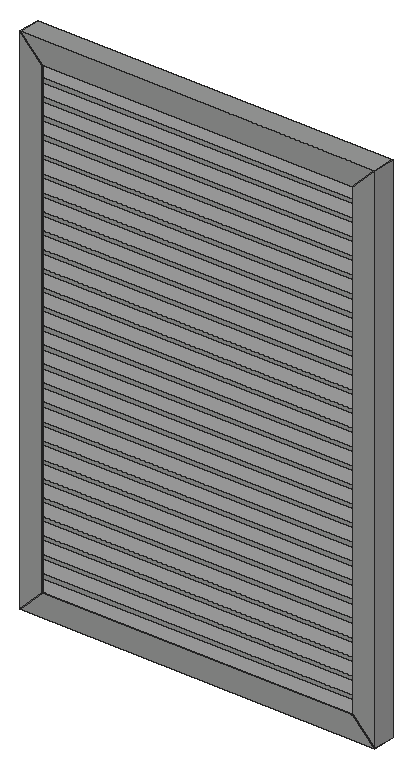
Revit family "Palmshield-Atlas-Louver-Panel", category Specialty Equipment, Revit 2025
Family settings
  Round Connector Dimension = Use Diameter
  Part Type = Normal
  OmniClass Number = 23.55.00.00
  OmniClass Title = Manufactured Structures
  Work Plane-Based = No
  Enable Cutting in Views = No
  Always vertical = No
  Cut with Voids When Loaded = No
  Maintain Annotation Orientation = No
  Shared = No
  Room Calculation Point = No
Parameters (values of type "Assembly")
  Width [instance] = if(Desired Overall Width < C Min Width, C Min Width, if(Desired Overall Width > C Max Width, C Max Width, Desired Overall Width))  # 4' - 0"
  Warranty URL = "https://palmshieldlouvers.com/wp-content/uploads/2020/01/PalmSHIELD-Warranty-NO-SIGN-LINE.pdf"
  Version = "2020 - v1.0a"  # constant formula
  URL = "https://palmshieldlouvers.com/"
  Product Page URL = "https://palmshieldlouvers.com/products/atlas-louver/"
  Product Documentation Link = "https://palmshieldlouvers.com/wp-content/uploads/2022/10/PalmSHIELD-Horizontal-Louvers-Technical-Data-Sheets-updated-100722.pdf"
  Offset From Surface = 0' - 2"  # constant formula
  Model = "Atlas - Aluminum - Panel Assembly"  # constant formula
  Material = Metal - PalmSHIELD - Dusty Grey
  Manufacturer Phone Number = "531-329-4406 "  # constant formula
  Manufacturer Email = "mailto: info@palmshieldlouvers.com"
  Manufacturer Address = "12330 Cary Circle, La Vista, NE 68128"  # constant formula
  Manufacturer = "PalmSHIELD"  # constant formula
  Keynote = "05 10 00"
  Instruction Sheet Link = "https://palmshieldlouvers.com/wp-content/uploads/2020/01/PalmSHIELD-Post-Panel-Gate-Installation-Instructions-REV-1.pdf"
  ID [instance] = "Not Assigned"
  Height [instance] = if(Desired Overall Height < C Min Height, C Min Height, if(Desired Overall Height > C Max Height, C Max Height, Desired Overall Height))  # 6' - 0"
  Desired Overall Width [instance] = 4' - 0"
  Desired Overall Height [instance] = 6' - 0"
  Desired Bottom Angle [instance] = 0.00°
  Description = "Atlas - Aluminum - Panel Assembly"  # constant formula
  Default Elevation = 0' - 0"
  Copyright = "Copyright ©2024 The American Fence Company and PalmSHIELD. All Rights Reserved."  # constant formula
  Component Vis [instance] = yes
  Component Name [instance] = "Atlas - Aluminum - Panel Assembly"  # constant formula
  C Min Width [instance] = 4' - 0"  # constant formula
  C Min Height [instance] = C Min Width  # 4' - 0"
  C Max Width [instance] = 5' - 0"  # constant formula
  C Max Height [instance] = 12' - 0"  # constant formula
  C Angle [instance] = if(Desired Bottom Angle > 10.00°, 10.00°, if(Desired Bottom Angle < -10.00°, -10.00°, Desired Bottom Angle))  # 0.00°
  Assembly Code = "F1020100"
Reference planes (in)
  plane 1 "Center (Front/Back)": y = 0
  plane 2: z = 0
  plane 3 "Center (Left/Right)": x = 0
  plane 4: z = 72
  plane 5: x = 48
  plane 6: y = 3
  plane 7: y = 1.5
Lines and regions (in)
  reference lines
    curve 1: line (48, 0, 85.95698) -> (48, 0, -11)
    curve 2: line (-20.8931, 0, 72) -> (71.1069, 0, 72)
Dimensions and locks (in)
  "Desired Overall Height": curve 2 to level
  "Desired Overall Width": curve 1 to plane 3 "Center (Left/Right)"
  "Height": plane 4 to level
  "Width": plane 5 to plane 3 "Center (Left/Right)"
  equal spacing: plane 1 "Center (Front/Back)", plane 7, plane 6
  aligned and locked: plane 2 to level
Automatic sketch dimensions
  curve 2 to plane 3 "Center (Left/Right)" = 1' - 8.8931"
  plane 5 to curve 2 = 1' - 11.1069"
  curve 1 to level = 0' - 11"
  plane 4 to curve 1 = 1' - 1.95698"
Nested families (in)
  nested 1: "Screening-Louver-Assembly-Panel-Palmshield-Atlas" at (0, 0, 0), Desired Overall Height <- "Desired Overall Height", Desired Overall Width <- "Desired Overall Width", ID <- "ID", Height <- "Height", Width <- "Width", Component Vis <- "Component Vis", Desired Bottom Angle <- "C Angle", type "Assembly"
    with Width 4' - 0", Louver Length 3' - 8", ID "Not Assigned", Height 6' - 0", Desired Overall Width 4' - 0", Desired Overall Height 6' - 0", Desired Bottom Angle 0.00°, Component Vis yes, Component Name "Atlas - Panel Assembly", C Top Post Length 4' - 0", C Straight Corner Angle 45.00°, C Slope Angle 0.00°, C Side Frame Width 0' - 3", C Side Adjustment 0' - 0", C Rib Thickness Bottom Offset 0' - 0 1/4", C Rib Bottom Side Offset 0' - 0", C Louver Offset 0' - 3", C Louver Count 28, C Hip 4' - 0", C Frame Offset 0' - 2", C Corner Offset 0' - 3", C B-Side Post Length 6' - 0", C B-Side Angle 45.00°, C Angle 90.00°, C A-Side Post Length 6' - 0", C A-Side Angle 45.00°
  nested 2: "Nested-L_Frame-Palmshield-Atlas" at (0, 0, 72) x (0, 1, 0) z (1, 0, 0), type "AL L3" X 3" X 1/4""
    with Material Metal - PalmSHIELD - Dusty Grey, Length 5' - 10", ID "Not Assigned", Component Name "Atlas - Aluminum - L Frame", B-Side Cut Angle 45.00°, A-Side Cut Angle 45.00°
  nested 3: "Nested-L_Frame-Palmshield-Atlas" at (48, 0, 2) x (0, 1, 0) z (-1, 0, 0), type "AL L3" X 3" X 1/4""
    with Material Metal - PalmSHIELD - Dusty Grey, Length 5' - 10", ID "Not Assigned", Component Name "Atlas - Aluminum - L Frame", B-Side Cut Angle 45.00°, A-Side Cut Angle 45.00°
  nested 4: "Nested-Rib-Palmshield-Atlas" at (16, 2.25, 2.25), type "AL FB 1/4" X 1""
    with Material Metal - PalmSHIELD - Dusty Grey, Length 5' - 9 1/2", ID "Not Assigned", Component Name "Atlas - Aluminum - FB Rib", C Angle B 0.00°, C Angle A 0.00°, A-Side Cut Angle 0.00°
  nested 5: "Nested-Rib-Palmshield-Atlas" at (32, 2.25, 2.25), type "AL FB 1/4" X 1""
    with Material Metal - PalmSHIELD - Dusty Grey, Length 5' - 9 1/2", ID "Not Assigned", Component Name "Atlas - Aluminum - FB Rib", C Angle B 0.00°, C Angle A 0.00°, A-Side Cut Angle 0.00°
  nested 6: "Nested-Louvers-Palmshield-Atlas" at (2, 2.25, 16.48904) x (0, -1, 0) z (1, 0, 0), type "EXTRUDED ALUMINUM LOUVERS TYP."
    with Material Metal - PalmSHIELD - Dusty Grey, Length 3' - 8", ID "Not Assigned", Component Name "Atlas - Aluminum - Louver"
  nested 7: "Nested-Louvers-Palmshield-Atlas" at (2, 2.25, 18.7993) x (0, -1, 0) z (1, 0, 0), type "EXTRUDED ALUMINUM LOUVERS TYP."
    with Material Metal - PalmSHIELD - Dusty Grey, Length 3' - 8", ID "Not Assigned", Component Name "Atlas - Aluminum - Louver"
  nested 8: "Nested-Louvers-Palmshield-Atlas" at (2, 2.25, 21.10956) x (0, -1, 0) z (1, 0, 0), type "EXTRUDED ALUMINUM LOUVERS TYP."
    with Material Metal - PalmSHIELD - Dusty Grey, Length 3' - 8", ID "Not Assigned", Component Name "Atlas - Aluminum - Louver"
  nested 9: "Nested-Louvers-Palmshield-Atlas" at (2, 2.25, 23.41981) x (0, -1, 0) z (1, 0, 0), type "EXTRUDED ALUMINUM LOUVERS TYP."
    with Material Metal - PalmSHIELD - Dusty Grey, Length 3' - 8", ID "Not Assigned", Component Name "Atlas - Aluminum - Louver"
  nested 10: "Nested-Louvers-Palmshield-Atlas" at (2, 2.25, 25.73007) x (0, -1, 0) z (1, 0, 0), type "EXTRUDED ALUMINUM LOUVERS TYP."
    with Material Metal - PalmSHIELD - Dusty Grey, Length 3' - 8", ID "Not Assigned", Component Name "Atlas - Aluminum - Louver"
  nested 11: "Nested-Louvers-Palmshield-Atlas" at (2, 2.25, 28.04033) x (0, -1, 0) z (1, 0, 0), type "EXTRUDED ALUMINUM LOUVERS TYP."
    with Material Metal - PalmSHIELD - Dusty Grey, Length 3' - 8", ID "Not Assigned", Component Name "Atlas - Aluminum - Louver"
  nested 12: "Nested-Louvers-Palmshield-Atlas" at (2, 2.25, 30.35059) x (0, -1, 0) z (1, 0, 0), type "EXTRUDED ALUMINUM LOUVERS TYP."
    with Material Metal - PalmSHIELD - Dusty Grey, Length 3' - 8", ID "Not Assigned", Component Name "Atlas - Aluminum - Louver"
  nested 13: "Nested-Louvers-Palmshield-Atlas" at (2, 2.25, 32.66085) x (0, -1, 0) z (1, 0, 0), type "EXTRUDED ALUMINUM LOUVERS TYP."
    with Material Metal - PalmSHIELD - Dusty Grey, Length 3' - 8", ID "Not Assigned", Component Name "Atlas - Aluminum - Louver"
  nested 14: "Nested-Louvers-Palmshield-Atlas" at (2, 2.25, 34.97111) x (0, -1, 0) z (1, 0, 0), type "EXTRUDED ALUMINUM LOUVERS TYP."
    with Material Metal - PalmSHIELD - Dusty Grey, Length 3' - 8", ID "Not Assigned", Component Name "Atlas - Aluminum - Louver"
  nested 15: "Nested-Louvers-Palmshield-Atlas" at (2, 2.25, 37.28137) x (0, -1, 0) z (1, 0, 0), type "EXTRUDED ALUMINUM LOUVERS TYP."
    with Material Metal - PalmSHIELD - Dusty Grey, Length 3' - 8", ID "Not Assigned", Component Name "Atlas - Aluminum - Louver"
  nested 16: "Nested-Louvers-Palmshield-Atlas" at (2, 2.25, 39.59163) x (0, -1, 0) z (1, 0, 0), type "EXTRUDED ALUMINUM LOUVERS TYP."
    with Material Metal - PalmSHIELD - Dusty Grey, Length 3' - 8", ID "Not Assigned", Component Name "Atlas - Aluminum - Louver"
  nested 17: "Nested-Louvers-Palmshield-Atlas" at (2, 2.25, 41.90189) x (0, -1, 0) z (1, 0, 0), type "EXTRUDED ALUMINUM LOUVERS TYP."
    with Material Metal - PalmSHIELD - Dusty Grey, Length 3' - 8", ID "Not Assigned", Component Name "Atlas - Aluminum - Louver"
  nested 18: "Nested-Louvers-Palmshield-Atlas" at (2, 2.25, 44.21215) x (0, -1, 0) z (1, 0, 0), type "EXTRUDED ALUMINUM LOUVERS TYP."
    with Material Metal - PalmSHIELD - Dusty Grey, Length 3' - 8", ID "Not Assigned", Component Name "Atlas - Aluminum - Louver"
  nested 19: "Nested-Louvers-Palmshield-Atlas" at (2, 2.25, 46.52241) x (0, -1, 0) z (1, 0, 0), type "EXTRUDED ALUMINUM LOUVERS TYP."
    with Material Metal - PalmSHIELD - Dusty Grey, Length 3' - 8", ID "Not Assigned", Component Name "Atlas - Aluminum - Louver"
  nested 20: "Nested-Louvers-Palmshield-Atlas" at (2, 2.25, 48.83267) x (0, -1, 0) z (1, 0, 0), type "EXTRUDED ALUMINUM LOUVERS TYP."
    with Material Metal - PalmSHIELD - Dusty Grey, Length 3' - 8", ID "Not Assigned", Component Name "Atlas - Aluminum - Louver"
  nested 21: "Nested-Louvers-Palmshield-Atlas" at (2, 2.25, 51.14293) x (0, -1, 0) z (1, 0, 0), type "EXTRUDED ALUMINUM LOUVERS TYP."
    with Material Metal - PalmSHIELD - Dusty Grey, Length 3' - 8", ID "Not Assigned", Component Name "Atlas - Aluminum - Louver"
  nested 22: "Nested-Louvers-Palmshield-Atlas" at (2, 2.25, 53.45319) x (0, -1, 0) z (1, 0, 0), type "EXTRUDED ALUMINUM LOUVERS TYP."
    with Material Metal - PalmSHIELD - Dusty Grey, Length 3' - 8", ID "Not Assigned", Component Name "Atlas - Aluminum - Louver"
  nested 23: "Nested-Louvers-Palmshield-Atlas" at (2, 2.25, 55.76344) x (0, -1, 0) z (1, 0, 0), type "EXTRUDED ALUMINUM LOUVERS TYP."
    with Material Metal - PalmSHIELD - Dusty Grey, Length 3' - 8", ID "Not Assigned", Component Name "Atlas - Aluminum - Louver"
  nested 24: "Nested-Louvers-Palmshield-Atlas" at (2, 2.25, 58.0737) x (0, -1, 0) z (1, 0, 0), type "EXTRUDED ALUMINUM LOUVERS TYP."
    with Material Metal - PalmSHIELD - Dusty Grey, Length 3' - 8", ID "Not Assigned", Component Name "Atlas - Aluminum - Louver"
  nested 25: "Nested-Louvers-Palmshield-Atlas" at (2, 2.25, 60.38396) x (0, -1, 0) z (1, 0, 0), type "EXTRUDED ALUMINUM LOUVERS TYP."
    with Material Metal - PalmSHIELD - Dusty Grey, Length 3' - 8", ID "Not Assigned", Component Name "Atlas - Aluminum - Louver"
  nested 26: "Nested-Louvers-Palmshield-Atlas" at (2, 2.25, 62.69422) x (0, -1, 0) z (1, 0, 0), type "EXTRUDED ALUMINUM LOUVERS TYP."
    with Material Metal - PalmSHIELD - Dusty Grey, Length 3' - 8", ID "Not Assigned", Component Name "Atlas - Aluminum - Louver"
  nested 27: "Nested-Louvers-Palmshield-Atlas" at (2, 2.25, 65.00448) x (0, -1, 0) z (1, 0, 0), type "EXTRUDED ALUMINUM LOUVERS TYP."
    with Material Metal - PalmSHIELD - Dusty Grey, Length 3' - 8", ID "Not Assigned", Component Name "Atlas - Aluminum - Louver"
  nested 28: "Nested-Louvers-Palmshield-Atlas" at (2, 2.25, 67.31474) x (0, -1, 0) z (1, 0, 0), type "EXTRUDED ALUMINUM LOUVERS TYP."
    with Material Metal - PalmSHIELD - Dusty Grey, Length 3' - 8", ID "Not Assigned", Component Name "Atlas - Aluminum - Louver"
  nested 29: "Nested-Louvers-Palmshield-Atlas" at (2, 2.25, 7.248) x (0, -1, 0) z (1, 0, 0), type "EXTRUDED ALUMINUM LOUVERS TYP."
    with Material Metal - PalmSHIELD - Dusty Grey, Length 3' - 8", ID "Not Assigned", Component Name "Atlas - Aluminum - Louver"
  nested 30: "Nested-Louvers-Palmshield-Atlas" at (2, 2.25, 69.625) x (0, -1, 0) z (1, 0, 0), type "EXTRUDED ALUMINUM LOUVERS TYP."
    with Material Metal - PalmSHIELD - Dusty Grey, Length 3' - 8", ID "Not Assigned", Component Name "Atlas - Aluminum - Louver"
  nested 31: "Nested-L_Frame-Palmshield-Atlas" at (48, 0, 72) x (0, 1, 0) z (0, 0, -1), type "AL L3" X 3" X 1/4""
    with Material Metal - PalmSHIELD - Dusty Grey, Length 4' - 0", ID "Not Assigned", Component Name "Atlas - Aluminum - L Frame", B-Side Cut Angle 45.00°, A-Side Cut Angle 45.00°
  nested 32: "Nested-L_Frame-Palmshield-Atlas" at (0, 0, 2) x (0, 1, 0) z (0, 0, 1), type "AL L3" X 3" X 1/4""
    with Material Metal - PalmSHIELD - Dusty Grey, Length 4' - 0", ID "Not Assigned", Component Name "Atlas - Aluminum - L Frame", B-Side Cut Angle 45.00°, A-Side Cut Angle 45.00°
  nested 33: "Nested-Louvers-Palmshield-Atlas" at (2, 2.25, 9.55826) x (0, -1, 0) z (1, 0, 0), type "EXTRUDED ALUMINUM LOUVERS TYP."
    with Material Metal - PalmSHIELD - Dusty Grey, Length 3' - 8", ID "Not Assigned", Component Name "Atlas - Aluminum - Louver"
  nested 34: "Nested-Louvers-Palmshield-Atlas" at (2, 2.25, 11.86852) x (0, -1, 0) z (1, 0, 0), type "EXTRUDED ALUMINUM LOUVERS TYP."
    with Material Metal - PalmSHIELD - Dusty Grey, Length 3' - 8", ID "Not Assigned", Component Name "Atlas - Aluminum - Louver"
  nested 35: "Nested-Louvers-Palmshield-Atlas" at (2, 2.25, 14.17878) x (0, -1, 0) z (1, 0, 0), type "EXTRUDED ALUMINUM LOUVERS TYP."
    with Material Metal - PalmSHIELD - Dusty Grey, Length 3' - 8", ID "Not Assigned", Component Name "Atlas - Aluminum - Louver"
Definition of nested family "Nested-L_Frame-Palmshield-Atlas"
  Parameters (values of type "AL L3" X 3" X 1/4"")
    Width = 0' - 3"  # constant formula
    Warranty URL = "https://palmshieldlouvers.com/wp-content/uploads/2020/01/PalmSHIELD-Warranty-NO-SIGN-LINE.pdf"
    Version = "2020 - v1.0a"  # constant formula
    URL = "https://palmshieldlouvers.com/"
    Thickness = 0' - 0 1/4"  # constant formula
    Product Page URL = "https://palmshieldlouvers.com/products/louvers/"
    Product Documentation Link = "https://palmshieldlouvers.com/wp-content/uploads/2022/10/PalmSHIELD-Horizontal-Louvers-Technical-Data-Sheets-updated-100722.pdf"
    Model = "Atlas"  # constant formula
    Material [instance] = none
    Manufacturer Phone Number = "531-329-4406 "  # constant formula
    Manufacturer Fax Number = "Consult Manufacturer Website for More Information"  # constant formula
    Manufacturer Email = "mailto: info@palmshieldlouvers.com"
    Manufacturer Address = "12330 Cary Circle, La Vista, NE 68128"  # constant formula
    Manufacturer = "PalmSHIELD"  # constant formula
    Length [instance] = 4' - 4.86713"
    Keynote = "05 10 00"
    Instruction Sheet Link = "https://palmshieldlouvers.com/wp-content/uploads/2020/01/PalmSHIELD-Post-Panel-Gate-Installation-Instructions-REV-1.pdf"
    ID [instance] = ""
    Description = "Atlas - L Frame"  # constant formula
    Default Elevation = 4' - 0"
    Copyright = "Copyright ©2024 The American Fence Company and PalmSHIELD. All Rights Reserved."  # constant formula
    Component Name [instance] = "Atlas - Aluminum - L Frame"  # constant formula
    C Hole Offset = 0' - 1 1/2"  # constant formula
    B-Side Cut Angle [instance] = 45.00°
    Assembly Code = "F1020100"
    A-Side Cut Angle [instance] = 45.00°
  Reference planes (in)
    plane 1 "Center (Front/Back)": y = 0
    plane 2: z = 0
    plane 3 "Center (Left/Right)": x = 0
    plane 4: x = 3
    plane 5: y = -52.86713
    plane 6: z = 3
  Forms (in)
    Extrusion 1, solid
      sketch origin (0, 0, 0) x (1, 0, 0) y (0, 1, 0)
        loop
          line (-48, 48) -> (-48, -48) -> (48, -48) -> (48, 48) -> (-48, 48)
      from 0 to -12
    Sweep 2, solid, material <- "Material"
      path origin (0, 0, 0) x (0, 1, 0) y (0, 0, 1)
        loop
          line (0, 0) -> (-52.86713, 0)
      profile "Profile-Palmshield-L : AL L3" X 3" X 1/4" - 6061-T6" origin (0, -26.43357, 0) x (0, 0, -1) y (1, 0, 0)
        loop
          line (-0.3125, 0.25) -> (-2.875, 0.25)
          arc (-2.875, 0.25) -> (-2.96339, 0.21339) -> (-3, 0.125) r 0.125
          line (-3, 0.125) -> (-3, 0) -> (0, 0) -> (0, 3) -> (-0.125, 3)
          arc (-0.125, 3) -> (-0.21339, 2.96339) -> (-0.25, 2.875) r 0.125
          line (-0.25, 2.875) -> (-0.25, 0.3125)
          arc (-0.25, 0.3125) -> (-0.26831, 0.26831) -> (-0.3125, 0.25) r 0.0625
    Extrusion 3, void
      sketch origin (0, 0, 0) x (0, 1, 0) y (0, 0, 1)
        loop
          line (-3, 3) -> (0, 0) -> (4.7449, 0) -> (4.7449, 3) -> (-3, 3)
        loop
          line (-57.61203, 3) -> (-57.61203, 0) -> (-52.86713, 0) -> (-49.86713, 3) -> (-57.61203, 3)
      from 0 to 3
  Cuts and joins
    Extrusion 3 cuts Sweep 2
  Dimensions and locks (in)
    "Width": plane 3 "Center (Left/Right)" to plane 4
    "Length": plane 1 "Center (Front/Back)" to plane 5
    "Width": plane 6 to plane 2
    locked: Extrusion 3 sketch curve to plane 1 "Center (Front/Back)" at 4.7449
    locked: plane 5 to Extrusion 3 sketch curve at 4.7449
    "B-Side Cut Angle": angle Extrusion 3 sketch curve to plane 1 "Center (Front/Back)"
    "A-Side Cut Angle": angle plane 5 to Extrusion 3 sketch curve
    aligned and locked: plane 2 to Extrusion 1
    aligned and locked: level to Extrusion 1
    aligned and locked: plane 1 "Center (Front/Back)" to Sweep 2 sketch curve
    aligned and locked: plane 5 to Sweep 2 sketch curve
    aligned and locked: Extrusion 3 sketch curve to plane 6
    aligned and locked: level to Extrusion 3 sketch curve
    aligned and locked: plane 6 to Extrusion 3 sketch curve
    aligned and locked: Extrusion 3 sketch curve to plane 2
    aligned and locked: plane 1 "Center (Front/Back)" to Extrusion 3 sketch curve
    aligned and locked: plane 2 to Extrusion 3 sketch curve
    aligned and locked: plane 5 to Extrusion 3 sketch curve
    aligned and locked: Extrusion 3 to plane 3 "Center (Left/Right)"
    aligned and locked: Extrusion 3 to plane 4
  Automatic sketch dimensions
    Extrusion 1 sketch curve to Extrusion 1 sketch curve = 8' - 0"  (x2)
    Sweep 2 sketch curve to level = 0' - 0"
Definition of nested family "Nested-Rib-Palmshield-Atlas"
  Parameters (values of type "AL FB 1/4" X 1"")
    Width = 0' - 1"  # constant formula
    Warranty URL = "https://palmshieldlouvers.com/wp-content/uploads/2020/01/PalmSHIELD-Warranty-NO-SIGN-LINE.pdf"
    Version = "2020 - v1.0a"  # constant formula
    URL = "https://palmshieldlouvers.com/"
    Thickness = 0' - 0 1/4"  # constant formula
    Product Page URL = "https://palmshieldlouvers.com/products/louvers/"
    Product Documentation Link = "https://palmshieldlouvers.com/wp-content/uploads/2022/10/PalmSHIELD-Horizontal-Louvers-Technical-Data-Sheets-updated-100722.pdf"
    Model = "Atlas"  # constant formula
    Material [instance] = none
    Manufacturer Phone Number = "531-329-4406 "  # constant formula
    Manufacturer Fax Number = "Consult Manufacturer Website for More Information"  # constant formula
    Manufacturer Email = "mailto: info@palmshieldlouvers.com"
    Manufacturer Address = "12330 Cary Circle, La Vista, NE 68128"  # constant formula
    Manufacturer = "PalmSHIELD"  # constant formula
    Length [instance] = 4' - 4.86713"
    Keynote = "05 10 00"
    Instruction Sheet Link = "https://palmshieldlouvers.com/wp-content/uploads/2020/01/PalmSHIELD-Post-Panel-Gate-Installation-Instructions-REV-1.pdf"
    ID [instance] = ""
    Description = "Atlas - Rib"  # constant formula
    Default Elevation = 4' - 0"
    Copyright = "Copyright ©2024 The American Fence Company and PalmSHIELD. All Rights Reserved."  # constant formula
    Component Name [instance] = "Atlas - Aluminum - FB Rib"  # constant formula
    C Hole Offset = 0' - 1 1/2"  # constant formula
    C Angle B [instance] = if([A-Side Cut Angle] > 0.00°, [A-Side Cut Angle], 0.00°)  # 25.00°
    C Angle A [instance] = if([A-Side Cut Angle] < 0.00°, -[A-Side Cut Angle], 0.00°)  # 0.00°
    Assembly Code = "F1020100"
    A-Side Cut Angle [instance] = 25.00°
  Reference planes (in)
    plane 1 "Center (Front/Back)": y = 0
    plane 2: z = 0
    plane 3 "Center (Left/Right)": x = 0
    plane 4: z = 52.86713
    plane 5: x = 0.5
    plane 6: x = -0.5
  Forms (in)
    Extrusion 1, solid
      sketch origin (0, 0, 0) x (1, 0, 0) y (0, 1, 0)
        loop
          line (-48, 48) -> (-48, -48) -> (48, -48) -> (48, 48) -> (-48, 48)
      from 0 to -12
    Sweep 2, solid, material <- "Material"
      path origin (0, 0, 0) x (0, 1, 0) y (0, 0, 1)
        loop
          line (0, 0) -> (0, 52.86713)
      profile "Profile-Palmshield-Rib : AL FB 1/4" X 1"" origin (0, 0, 26.43357) x (0, -1, 0) y (1, 0, 0)
        loop
          line (-0.25, -0.5) -> (0, -0.5) -> (0, 0.5) -> (-0.25, 0.5) -> (-0.25, -0.5)
    Extrusion 3, void
      sketch origin (0, 0, 0) x (1, 0, 0) y (0, 0, 1)
        loop
          line (0.5, 0) -> (-19.83743, 0) -> (-19.83743, -5) -> (0.5, -5) -> (0.5, 0)
      from -4.89794 to 12
    Extrusion 4, void
      sketch origin (0, 0, 0) x (-1, 0, 0) y (0, 0, -1)
        loop
          line (0.5, 0) -> (0.5, 5) -> (-19.83743, 5) -> (-19.83743, -9.4835) -> (0.5, 0)
      from -9.92538 to 12
  Cuts and joins
    Extrusion 3, Extrusion 4 cuts Sweep 2
  Dimensions and locks (in)
    "Length": plane 4 to plane 2
    equal spacing: plane 5, plane 3 "Center (Left/Right)", plane 6
    "Width": plane 5 to plane 6
    "C Angle A": angle Extrusion 3 sketch curve to plane 2
    "C Angle B": angle plane 2 to Extrusion 4 sketch curve
    aligned and locked: plane 2 to Extrusion 1
    aligned and locked: level to Extrusion 1
    aligned and locked: plane 1 "Center (Front/Back)" to Sweep 2 sketch curve
    aligned and locked: plane 4 to Sweep 2 sketch curve
    aligned and locked: plane 5 to Extrusion 3 sketch curve
    aligned and locked: plane 2 to Extrusion 3 sketch curve
    aligned and locked: plane 6 to Extrusion 4 sketch curve
    aligned and locked: plane 2 to Extrusion 4 sketch curve
  Automatic sketch dimensions
    Extrusion 1 sketch curve to Extrusion 1 sketch curve = 8' - 0"  (x2)
    Sweep 2 sketch curve to level = 0' - 0"
    Extrusion 3 sketch curve to level = 0' - 5"
    Extrusion 3 sketch curve to plane 6 = 1' - 7.33743"
    level to Extrusion 4 sketch curve = 0' - 5"
    Extrusion 4 sketch curve to plane 5 = 1' - 7.33743"
Definition of nested family "Nested-Louvers-Palmshield-Atlas"
  Parameters (values of type "EXTRUDED ALUMINUM LOUVERS TYP.")
    Width = 0' - 2 7/8"  # constant formula
    Warranty URL = "https://palmshieldlouvers.com/wp-content/uploads/2020/01/PalmSHIELD-Warranty-NO-SIGN-LINE.pdf"
    Version = "2020 - v1.0a"  # constant formula
    URL = "https://palmshieldlouvers.com/"
    Thickness = 0' - 0 1/8"  # constant formula
    Product Page URL = "https://palmshieldlouvers.com/products/louvers/"
    Product Documentation Link = "https://palmshieldlouvers.com/wp-content/uploads/2022/10/PalmSHIELD-Horizontal-Louvers-Technical-Data-Sheets-updated-100722.pdf"
    Model = "Atlas"  # constant formula
    Material [instance] = none
    Manufacturer Phone Number = "531-329-4406 "  # constant formula
    Manufacturer Fax Number = "Consult Manufacturer Website for More Information"  # constant formula
    Manufacturer Email = "mailto: info@palmshieldlouvers.com"
    Manufacturer Address = "12330 Cary Circle, La Vista, NE 68128"  # constant formula
    Manufacturer = "PalmSHIELD"  # constant formula
    Length [instance] = 4' - 4.86713"
    Keynote = "05 10 00"
    Instruction Sheet Link = "https://palmshieldlouvers.com/wp-content/uploads/2020/01/PalmSHIELD-Post-Panel-Gate-Installation-Instructions-REV-1.pdf"
    ID [instance] = ""
    Description = "Atlas - Louvers"  # constant formula
    Default Elevation = 4' - 0"
    Copyright = "Copyright ©2024 The American Fence Company and PalmSHIELD. All Rights Reserved."  # constant formula
    Component Name [instance] = "Atlas - Aluminum - Louver"  # constant formula
    Assembly Code = "F1020100"
  Reference planes (in)
    plane 1 "Center (Front/Back)": y = 0
    plane 2: z = 0
    plane 3 "Center (Left/Right)": x = 0
    plane 4: z = 52.86713
    plane 5: y = 2.875
  Forms (in)
    Extrusion 1, solid
      sketch origin (0, 0, 0) x (1, 0, 0) y (0, 1, 0)
        loop
          line (-48, 48) -> (-48, -48) -> (48, -48) -> (48, 48) -> (-48, 48)
      from 0 to -12
    Sweep 2, solid, material <- "Material"
      path origin (0, 0, 0) x (0, 1, 0) y (0, 0, 1)
        loop
          line (0, 0) -> (0, 52.86713)
      profile "Profile-Palmshield-Louver : LOUVERS TYP. - 6063-T6" origin (0, 0, 26.43357) x (0, -1, 0) y (1, 0, 0)
        loop
          line (-2.39453, 1.875) -> (-0.51953, 0) -> (0, 0) -> (0, 0.125) -> (-0.46775, 0.125) -> (-2.34275, 2) -> (-2.873, 2) -> (-2.873, 1.875) -> (-2.39453, 1.875)
  Dimensions and locks (in)
    "Length": plane 4 to plane 2
    "Width": plane 5 to plane 1 "Center (Front/Back)"
    aligned and locked: plane 2 to Extrusion 1
    aligned and locked: level to Extrusion 1
    aligned and locked: plane 1 "Center (Front/Back)" to Sweep 2 sketch curve
    aligned and locked: plane 4 to Sweep 2 sketch curve
  Automatic sketch dimensions
    Extrusion 1 sketch curve to Extrusion 1 sketch curve = 8' - 0"  (x2)
    Sweep 2 sketch curve to level = 0' - 0"
Definition of nested family "Screening-Louver-Assembly-Panel-Palmshield-Atlas"
  Parameters (values of type "Assembly")
    Width [instance] = if(Desired Overall Width < 4' 0", 4' 0", if(Desired Overall Width > 5' 0", 5' 0", Desired Overall Width))  # 4' - 0"
    Warranty URL = "https://palmshieldlouvers.com/wp-content/uploads/2020/01/PalmSHIELD-Warranty-NO-SIGN-LINE.pdf"
    Version = "2020 - v1.0a"  # constant formula
    URL = "https://palmshieldlouvers.com/"
    Offset From Surface = 0' - 2"  # constant formula
    Material = none
    Louver Separation = 0' - 2 3/8"  # constant formula
    Product Page URL = "https://palmshieldlouvers.com/products/semi-private-screening/"
    Product Documentation Link = "http://palmshieldlouvers.com/wp-content/uploads/2020/05/PalmSHIELD-Semi-Private-Composite-Technical-Data-Sheet.pdf"
    Model = "Atlas - Post Assembly"  # constant formula
    Manufacturer Phone Number = "531-329-4406 "  # constant formula
    Manufacturer Fax Number = "Consult Manufacturer Website for More Information"  # constant formula
    Manufacturer Email = "mailto: info@palmshieldlouvers.com"
    Manufacturer Address = "12330 Cary Circle, La Vista, NE 68128"  # constant formula
    Manufacturer = "PalmSHIELD"  # constant formula
    Louver Length [instance] = Width - 2 * C Side Frame Width + 0' 2"  # 3' - 8"
    Keynote = "05 10 00"
    Instruction Sheet Link = "http://palmshieldlouvers.com/wp-content/uploads/2020/01/PalmSHIELD-Post-Panel-Gate-Installation-Instructions-REV-1.pdf"
    ID [instance] = "Not Assigned"
    Height [instance] = if(Desired Overall Height < 3' 0", 3' 0", if(Desired Overall Height > 12' 0", 12' 0", Desired Overall Height))  # 6' - 0"
    Frame Width = 0' - 3"  # constant formula
    Frame Thickness = 0' - 0 1/4"  # constant formula
    Desired Overall Width [instance] = 4' - 0"
    Desired Overall Height [instance] = 6' - 0"
    Desired Bottom Angle [instance] = 0.00°
    Description = "Atlas - Panel Assembly"  # constant formula
    Default Elevation = 0' - 0"
    Copyright = "Copyright ©2024 The American Fence Company and PalmSHIELD. All Rights Reserved."  # constant formula
    Component Vis [instance] = yes
    Component Name [instance] = "Atlas - Panel Assembly"  # constant formula
    C Top Post Length [instance] = Width  # 4' - 0"
    C Straight Corner Angle [instance] = 45.00°  # constant formula
    C Slope Angle [instance] = if(Desired Bottom Angle < -10.00°, -10.00°, if(Desired Bottom Angle > 10.00°, 10.00°, Desired Bottom Angle))  # 0.00°
    C Side Frame Width [instance] = 0' - 3"  # constant formula
    C Rib Thickness Bottom Offset [instance] = Frame Thickness * cos(C Slope Angle)  # 0' - 0 1/4"
    C Rib Bottom Side Offset [instance] = if(C Slope Angle < 0.00°, -Frame Thickness * sin(C Slope Angle), Frame Thickness * sin(C Slope Angle))  # 0' - 0"
    C Louver Overlap = 0' - 0 5/8"  # constant formula
    C Louver Offset [instance] = if(C Side Adjustment < 0' 0", -C Side Adjustment + (Frame Width / sin([C A-Side Angle])) * cos([C A-Side Angle]), Frame Width)  # 0' - 3"
    C Louver Count [instance] = if(C Slope Angle < 0.00°, (Height - 2 * Frame Width + C Louver Overlap * 2) / Louver Separation, (Height - 2 * Frame Width + C Louver Overlap * 2 - C Hip * sin(C Slope Angle)) / Louver Separation)  # 28
    C Hip [instance] = Width / cos(C Slope Angle)  # 4' - 0"
    C Side Adjustment [instance] = -C Hip * sin(C Slope Angle)  # 0' - 0"
    C Frame Offset [instance] = C Side Frame Width - 0' 1"  # 0' - 2"
    C Corner Offset [instance] = if(C Slope Angle > 0.00°, Frame Width / sin([C A-Side Angle]) * cos([C A-Side Angle]), if(C Slope Angle < 0.00°, Frame Width / sin([C A-Side Angle]) * cos([C A-Side Angle]), 0' 3"))  # 0' - 3"
    C B-Side Post Length [instance] = Height + C Side Adjustment  # 6' - 0"
    C B-Side Angle [instance] = (90.00° - C Slope Angle) / 2  # 45.00°
    C Angle [instance] = if(C Slope Angle < -10.00°, 90.00° - 10.00°, if(C Slope Angle > 10.00°, 90.00° + 10.00°, 90.00° - C Slope Angle))  # 90.00°
    C A-Side Post Length [instance] = Height  # 6' - 0"
    C A-Side Angle [instance] = (90.00° + C Slope Angle) / 2  # 45.00°
    Assembly Code = "F1020100"
  Reference planes (in)
    plane 1 "Center (Front/Back)": y = 0
    plane 2: z = 0
    plane 3 "Side A": x = 0
    plane 4 "Top": z = 72
    plane 5 "Side B": x = 48
    plane 6: z = 2
    plane 7: z = 5
    plane 8: x = 0.25
    plane 9: x = 47.75
    plane 10: z = 69
    plane 11: z = 69.625
    plane 12: y = 0.25
    plane 13: z = 4.375
    plane 14: x = 16
    plane 15: x = 32
    plane 16: y = 2.25
    plane 17: z = 71.75
    plane 18: z = 2
    plane 19: z = 2.25
    plane 20: x = 0
    plane 21: x = 14
    plane 22: x = 30
    plane 23: x = 2
    plane 24: y = 3
    plane 25: y = 1.5
    plane 26: x = 24
  Forms (in)
    Extrusion 1, solid
      sketch origin (0, 0, 0) x (1, 0, 0) y (0, 1, 0)
        loop
          line (-48, 48) -> (-48, -48) -> (48, -48) -> (48, 48) -> (-48, 48)
      from 0 to -12
  Lines and regions (in)
    reference lines
      curve 1: line (0, 0, 2) -> (84, 0, 2)
      curve 2: line (0, 0, 2.25) -> (81.25, 0, 2.25)
      curve 3: line (14, 0, 2.25) -> (24.75, 0, 2.25)
      curve 4: line (30, 0, 2.25) -> (40, 0, 2.25)
      curve 5: line (-32.20512, 0, 72) -> (83.18293, 0, 72)
      curve 6: line (48, 0, 95.69519) -> (48, 0, -6.19789)
      curve 7: line (48, 0, 2) -> (46, 0, 2)
  Dimensions and locks (in)
    "Width": plane 5 "Side B" to plane 3 "Side A"
    "Offset From Surface": plane 6 to Extrusion 1
    "C Louver Offset": plane 7 to plane 6
    "Frame Thickness": plane 8 to plane 3 "Side A"
    "Frame Thickness": plane 5 "Side B" to plane 9
    "Frame Width": plane 4 "Top" to plane 10
    "C Louver Overlap": plane 11 to plane 10
    "Frame Thickness": plane 12 to plane 1 "Center (Front/Back)"
    "C Louver Overlap": plane 7 to plane 13
    equal spacing: plane 3 "Side A", plane 14, plane 15, plane 5 "Side B"
    "Frame Thickness": plane 4 "Top" to plane 17
    "C Corner Offset": plane 7 to plane 18
    "C Rib Thickness Bottom Offset": plane 19 to plane 6
    "C Rib Bottom Side Offset": plane 3 "Side A" to plane 20
    locked: plane 14 to plane 21 at 2
    locked: plane 15 to plane 22 at 2
    "Desired Overall Width": curve 6 to plane 3 "Side A"
    "C Frame Offset": plane 23 to plane 3 "Side A"
    equal spacing: group 1, group 3, group 4, group 5, group 6, group 7, group 8, group 9, group 10, group 11, group 12, group 13, group 14, group 15, group 16, group 17, group 18, group 19, group 20, group 21, group 22, group 23, group 24, group 25, group 26, group 27, group 28, group 2  (x2)
    equal spacing: group 2, group 28, group 27, group 26, group 25, group 24, group 23, group 22, group 21, group 20, group 19, group 18, group 17, group 16, group 15, group 14, group 13, group 12, group 11, group 10, group 9, group 8, group 7, group 6, group 5, group 4, group 3, group 1
    "Frame Width": plane 1 "Center (Front/Back)" to plane 24
    equal spacing: plane 1 "Center (Front/Back)", plane 25, plane 24
    equal spacing: plane 5 "Side B", plane 26, plane 3 "Side A"
    "Desired Overall Height": curve 5 to plane 2
    "Height": plane 4 "Top" to plane 2
    locked: plane 5 "Side B" to curve 7 at 2
    "C Angle": angle curve 1 to plane 3 "Side A"
    "C Angle": angle curve 2 to plane 20
    locked: curve 3 to plane 21 (angle 90.00°)
    locked: curve 4 to plane 22 (angle 90.00°)
    locked: plane 5 "Side B" to curve 7 (angle 90.00°)
    aligned and locked: plane 2 to Extrusion 1
    aligned and locked: level to Extrusion 1
    aligned and locked: plane 6 to curve 1
    aligned and locked: plane 3 "Side A" to curve 1
    aligned and locked: nested 1 to plane 1 "Center (Front/Back)"
    aligned and locked: nested 1 to plane 5 "Side B"
    aligned and locked: nested 1 to plane 3 "Side A"
    aligned and locked: nested 2 to plane 4 "Top"
    aligned and locked: nested 2 to plane 6
    aligned and locked: nested 2 to plane 1 "Center (Front/Back)"
    aligned and locked: plane 4 "Top" to nested 3
    aligned and locked: nested 3 to plane 1 "Center (Front/Back)"
    aligned and locked: nested 4 to plane 1 "Center (Front/Back)"
    aligned and locked: plane 16 to nested 5
    aligned and locked: plane 16 to nested 6
    aligned and locked: plane 14 to nested 5
    aligned and locked: plane 17 to nested 5
    aligned and locked: plane 12 to nested 7
    aligned and locked: plane 11 to nested 7
    aligned and locked: plane 15 to nested 6
    aligned and locked: plane 17 to nested 6
    aligned and locked: plane 20 to curve 2
    aligned and locked: plane 19 to curve 2
    aligned and locked: plane 21 to curve 3
    aligned and locked: plane 22 to curve 4
    aligned and locked: plane 23 to nested 8
    aligned and locked: nested 8 to plane 13
    aligned and locked: plane 12 to nested 8
    aligned and locked: plane 5 "Side B" to curve 7
    aligned and locked: nested 3 to curve 7
  Automatic sketch dimensions
    Extrusion 1 sketch curve to Extrusion 1 sketch curve = 8' - 0"  (x2)
    curve 5 to plane 3 "Side A" = 2' - 8.20512"
    plane 5 "Side B" to curve 5 = 2' - 11.18293"
    curve 6 to level = 0' - 6.19789"
    plane 4 "Top" to curve 6 = 1' - 11.69519"
  Nested families (in)
    nested 1: "Nested-L_Frame-Palmshield-Atlas" at (48, 0, 72) x (0, 1, 0) z (0, 0, -1), ID <- "ID", Material <- "Material", A-Side Cut Angle <- "C Straight Corner Angle", B-Side Cut Angle <- "C Straight Corner Angle", visible <- "Component Vis", type "AL L3" X 3" X 1/4""
      with Material none, Length 4' - 0", ID "Not Assigned", Component Name "Atlas - Aluminum - L Frame", B-Side Cut Angle 45.00°, A-Side Cut Angle 45.00°
    nested 2: "Nested-L_Frame-Palmshield-Atlas" at (0, 0, 72) x (0, 1, 0) z (1, 0, 0), ID <- "ID", Material <- "Material", B-Side Cut Angle <- "C Straight Corner Angle", A-Side Cut Angle <- "C A-Side Angle", visible <- "Component Vis", type "AL L3" X 3" X 1/4""
      with Material none, Length 5' - 10", ID "Not Assigned", Component Name "Atlas - Aluminum - L Frame", B-Side Cut Angle 45.00°, A-Side Cut Angle 45.00°
    nested 3: "Nested-L_Frame-Palmshield-Atlas" at (48, 0, 2) x (0, 1, 0) z (-1, 0, 0), ID <- "ID", Material <- "Material", B-Side Cut Angle <- "C B-Side Angle", A-Side Cut Angle <- "C Straight Corner Angle", visible <- "Component Vis", type "AL L3" X 3" X 1/4""
      with Material none, Length 5' - 10", ID "Not Assigned", Component Name "Atlas - Aluminum - L Frame", B-Side Cut Angle 45.00°, A-Side Cut Angle 45.00°
    nested 4: "Nested-L_Frame-Palmshield-Atlas" at (0, 0, 2) x (0, 1, 0) z (0, 0, 1), Length <- "C Hip", ID <- "ID", Material <- "Material", A-Side Cut Angle <- "C B-Side Angle", B-Side Cut Angle <- "C A-Side Angle", visible <- "Component Vis", type "AL L3" X 3" X 1/4""
      with Material none, Length 4' - 0", ID "Not Assigned", Component Name "Atlas - Aluminum - L Frame", B-Side Cut Angle 45.00°, A-Side Cut Angle 45.00°
    nested 5: "Nested-Rib-Palmshield-Atlas" at (16, 2.25, 2.25), A-Side Cut Angle <- "C Slope Angle", ID <- "ID", Material <- "Material", visible <- "Component Vis", type "AL FB 1/4" X 1""
      with Material none, Length 5' - 9 1/2", ID "Not Assigned", Component Name "Atlas - Aluminum - FB Rib", C Angle B 0.00°, C Angle A 0.00°, A-Side Cut Angle 0.00°
    nested 6: "Nested-Rib-Palmshield-Atlas" at (32, 2.25, 2.25), A-Side Cut Angle <- "C Slope Angle", ID <- "ID", Material <- "Material", visible <- "Component Vis", type "AL FB 1/4" X 1""
      with Material none, Length 5' - 9 1/2", ID "Not Assigned", Component Name "Atlas - Aluminum - FB Rib", C Angle B 0.00°, C Angle A 0.00°, A-Side Cut Angle 0.00°
    nested 7: "Nested-Louvers-Palmshield-Atlas" at (2, 2.25, 69.625) x (0, -1, 0) z (1, 0, 0), Length <- "Louver Length", ID <- "ID", Material <- "Material", visible <- "Component Vis", type "EXTRUDED ALUMINUM LOUVERS TYP."
      with Material none, Length 3' - 8", ID "Not Assigned", Component Name "Atlas - Aluminum - Louver"
    nested 8: "Nested-Louvers-Palmshield-Atlas" at (2, 2.25, 7.248) x (0, -1, 0) z (1, 0, 0), Length <- "Louver Length", ID <- "ID", Material <- "Material", visible <- "Component Vis", type "EXTRUDED ALUMINUM LOUVERS TYP."
      with Material none, Length 3' - 8", ID "Not Assigned", Component Name "Atlas - Aluminum - Louver"
    nested 9: "Nested-Louvers-Palmshield-Atlas" at (2, 2.25, 67.31474) x (0, -1, 0) z (1, 0, 0), Length <- "Louver Length", ID <- "ID", Material <- "Material", visible <- "Component Vis", type "EXTRUDED ALUMINUM LOUVERS TYP."
      with Material none, Length 3' - 8", ID "Not Assigned", Component Name "Atlas - Aluminum - Louver"
    nested 10: "Nested-Louvers-Palmshield-Atlas" at (2, 2.25, 65.00448) x (0, -1, 0) z (1, 0, 0), Length <- "Louver Length", ID <- "ID", Material <- "Material", visible <- "Component Vis", type "EXTRUDED ALUMINUM LOUVERS TYP."
      with Material none, Length 3' - 8", ID "Not Assigned", Component Name "Atlas - Aluminum - Louver"
    nested 11: "Nested-Louvers-Palmshield-Atlas" at (2, 2.25, 62.69422) x (0, -1, 0) z (1, 0, 0), Length <- "Louver Length", ID <- "ID", Material <- "Material", visible <- "Component Vis", type "EXTRUDED ALUMINUM LOUVERS TYP."
      with Material none, Length 3' - 8", ID "Not Assigned", Component Name "Atlas - Aluminum - Louver"
    nested 12: "Nested-Louvers-Palmshield-Atlas" at (2, 2.25, 60.38396) x (0, -1, 0) z (1, 0, 0), Length <- "Louver Length", ID <- "ID", Material <- "Material", visible <- "Component Vis", type "EXTRUDED ALUMINUM LOUVERS TYP."
      with Material none, Length 3' - 8", ID "Not Assigned", Component Name "Atlas - Aluminum - Louver"
    nested 13: "Nested-Louvers-Palmshield-Atlas" at (2, 2.25, 58.0737) x (0, -1, 0) z (1, 0, 0), Length <- "Louver Length", ID <- "ID", Material <- "Material", visible <- "Component Vis", type "EXTRUDED ALUMINUM LOUVERS TYP."
      with Material none, Length 3' - 8", ID "Not Assigned", Component Name "Atlas - Aluminum - Louver"
    nested 14: "Nested-Louvers-Palmshield-Atlas" at (2, 2.25, 55.76344) x (0, -1, 0) z (1, 0, 0), Length <- "Louver Length", ID <- "ID", Material <- "Material", visible <- "Component Vis", type "EXTRUDED ALUMINUM LOUVERS TYP."
      with Material none, Length 3' - 8", ID "Not Assigned", Component Name "Atlas - Aluminum - Louver"
    nested 15: "Nested-Louvers-Palmshield-Atlas" at (2, 2.25, 53.45319) x (0, -1, 0) z (1, 0, 0), Length <- "Louver Length", ID <- "ID", Material <- "Material", visible <- "Component Vis", type "EXTRUDED ALUMINUM LOUVERS TYP."
      with Material none, Length 3' - 8", ID "Not Assigned", Component Name "Atlas - Aluminum - Louver"
    nested 16: "Nested-Louvers-Palmshield-Atlas" at (2, 2.25, 51.14293) x (0, -1, 0) z (1, 0, 0), Length <- "Louver Length", ID <- "ID", Material <- "Material", visible <- "Component Vis", type "EXTRUDED ALUMINUM LOUVERS TYP."
      with Material none, Length 3' - 8", ID "Not Assigned", Component Name "Atlas - Aluminum - Louver"
    nested 17: "Nested-Louvers-Palmshield-Atlas" at (2, 2.25, 48.83267) x (0, -1, 0) z (1, 0, 0), Length <- "Louver Length", ID <- "ID", Material <- "Material", visible <- "Component Vis", type "EXTRUDED ALUMINUM LOUVERS TYP."
      with Material none, Length 3' - 8", ID "Not Assigned", Component Name "Atlas - Aluminum - Louver"
    nested 18: "Nested-Louvers-Palmshield-Atlas" at (2, 2.25, 46.52241) x (0, -1, 0) z (1, 0, 0), Length <- "Louver Length", ID <- "ID", Material <- "Material", visible <- "Component Vis", type "EXTRUDED ALUMINUM LOUVERS TYP."
      with Material none, Length 3' - 8", ID "Not Assigned", Component Name "Atlas - Aluminum - Louver"
    nested 19: "Nested-Louvers-Palmshield-Atlas" at (2, 2.25, 44.21215) x (0, -1, 0) z (1, 0, 0), Length <- "Louver Length", ID <- "ID", Material <- "Material", visible <- "Component Vis", type "EXTRUDED ALUMINUM LOUVERS TYP."
      with Material none, Length 3' - 8", ID "Not Assigned", Component Name "Atlas - Aluminum - Louver"
    nested 20: "Nested-Louvers-Palmshield-Atlas" at (2, 2.25, 41.90189) x (0, -1, 0) z (1, 0, 0), Length <- "Louver Length", ID <- "ID", Material <- "Material", visible <- "Component Vis", type "EXTRUDED ALUMINUM LOUVERS TYP."
      with Material none, Length 3' - 8", ID "Not Assigned", Component Name "Atlas - Aluminum - Louver"
    nested 21: "Nested-Louvers-Palmshield-Atlas" at (2, 2.25, 39.59163) x (0, -1, 0) z (1, 0, 0), Length <- "Louver Length", ID <- "ID", Material <- "Material", visible <- "Component Vis", type "EXTRUDED ALUMINUM LOUVERS TYP."
      with Material none, Length 3' - 8", ID "Not Assigned", Component Name "Atlas - Aluminum - Louver"
    nested 22: "Nested-Louvers-Palmshield-Atlas" at (2, 2.25, 37.28137) x (0, -1, 0) z (1, 0, 0), Length <- "Louver Length", ID <- "ID", Material <- "Material", visible <- "Component Vis", type "EXTRUDED ALUMINUM LOUVERS TYP."
      with Material none, Length 3' - 8", ID "Not Assigned", Component Name "Atlas - Aluminum - Louver"
    nested 23: "Nested-Louvers-Palmshield-Atlas" at (2, 2.25, 34.97111) x (0, -1, 0) z (1, 0, 0), Length <- "Louver Length", ID <- "ID", Material <- "Material", visible <- "Component Vis", type "EXTRUDED ALUMINUM LOUVERS TYP."
      with Material none, Length 3' - 8", ID "Not Assigned", Component Name "Atlas - Aluminum - Louver"
    nested 24: "Nested-Louvers-Palmshield-Atlas" at (2, 2.25, 32.66085) x (0, -1, 0) z (1, 0, 0), Length <- "Louver Length", ID <- "ID", Material <- "Material", visible <- "Component Vis", type "EXTRUDED ALUMINUM LOUVERS TYP."
      with Material none, Length 3' - 8", ID "Not Assigned", Component Name "Atlas - Aluminum - Louver"
    nested 25: "Nested-Louvers-Palmshield-Atlas" at (2, 2.25, 30.35059) x (0, -1, 0) z (1, 0, 0), Length <- "Louver Length", ID <- "ID", Material <- "Material", visible <- "Component Vis", type "EXTRUDED ALUMINUM LOUVERS TYP."
      with Material none, Length 3' - 8", ID "Not Assigned", Component Name "Atlas - Aluminum - Louver"
    nested 26: "Nested-Louvers-Palmshield-Atlas" at (2, 2.25, 28.04033) x (0, -1, 0) z (1, 0, 0), Length <- "Louver Length", ID <- "ID", Material <- "Material", visible <- "Component Vis", type "EXTRUDED ALUMINUM LOUVERS TYP."
      with Material none, Length 3' - 8", ID "Not Assigned", Component Name "Atlas - Aluminum - Louver"
    nested 27: "Nested-Louvers-Palmshield-Atlas" at (2, 2.25, 25.73007) x (0, -1, 0) z (1, 0, 0), Length <- "Louver Length", ID <- "ID", Material <- "Material", visible <- "Component Vis", type "EXTRUDED ALUMINUM LOUVERS TYP."
      with Material none, Length 3' - 8", ID "Not Assigned", Component Name "Atlas - Aluminum - Louver"
    nested 28: "Nested-Louvers-Palmshield-Atlas" at (2, 2.25, 23.41981) x (0, -1, 0) z (1, 0, 0), Length <- "Louver Length", ID <- "ID", Material <- "Material", visible <- "Component Vis", type "EXTRUDED ALUMINUM LOUVERS TYP."
      with Material none, Length 3' - 8", ID "Not Assigned", Component Name "Atlas - Aluminum - Louver"
    nested 29: "Nested-Louvers-Palmshield-Atlas" at (2, 2.25, 21.10956) x (0, -1, 0) z (1, 0, 0), Length <- "Louver Length", ID <- "ID", Material <- "Material", visible <- "Component Vis", type "EXTRUDED ALUMINUM LOUVERS TYP."
      with Material none, Length 3' - 8", ID "Not Assigned", Component Name "Atlas - Aluminum - Louver"
    nested 30: "Nested-Louvers-Palmshield-Atlas" at (2, 2.25, 18.7993) x (0, -1, 0) z (1, 0, 0), Length <- "Louver Length", ID <- "ID", Material <- "Material", visible <- "Component Vis", type "EXTRUDED ALUMINUM LOUVERS TYP."
      with Material none, Length 3' - 8", ID "Not Assigned", Component Name "Atlas - Aluminum - Louver"
    nested 31: "Nested-Louvers-Palmshield-Atlas" at (2, 2.25, 16.48904) x (0, -1, 0) z (1, 0, 0), Length <- "Louver Length", ID <- "ID", Material <- "Material", visible <- "Component Vis", type "EXTRUDED ALUMINUM LOUVERS TYP."
      with Material none, Length 3' - 8", ID "Not Assigned", Component Name "Atlas - Aluminum - Louver"
    nested 32: "Nested-Louvers-Palmshield-Atlas" at (2, 2.25, 14.17878) x (0, -1, 0) z (1, 0, 0), Length <- "Louver Length", ID <- "ID", Material <- "Material", visible <- "Component Vis", type "EXTRUDED ALUMINUM LOUVERS TYP."
      with Material none, Length 3' - 8", ID "Not Assigned", Component Name "Atlas - Aluminum - Louver"
    nested 33: "Nested-Louvers-Palmshield-Atlas" at (2, 2.25, 11.86852) x (0, -1, 0) z (1, 0, 0), Length <- "Louver Length", ID <- "ID", Material <- "Material", visible <- "Component Vis", type "EXTRUDED ALUMINUM LOUVERS TYP."
      with Material none, Length 3' - 8", ID "Not Assigned", Component Name "Atlas - Aluminum - Louver"
    nested 34: "Nested-Louvers-Palmshield-Atlas" at (2, 2.25, 9.55826) x (0, -1, 0) z (1, 0, 0), Length <- "Louver Length", ID <- "ID", Material <- "Material", visible <- "Component Vis", type "EXTRUDED ALUMINUM LOUVERS TYP."
      with Material none, Length 3' - 8", ID "Not Assigned", Component Name "Atlas - Aluminum - Louver"
  Definition of nested family "Nested-L_Frame-Palmshield-Atlas"
    Parameters (values of type "AL L3" X 3" X 1/4"")
      Width = 0' - 3"  # constant formula
      Warranty URL = "https://palmshieldlouvers.com/wp-content/uploads/2020/01/PalmSHIELD-Warranty-NO-SIGN-LINE.pdf"
      Version = "2020 - v1.0a"  # constant formula
      URL = "https://palmshieldlouvers.com/"
      Thickness = 0' - 0 1/4"  # constant formula
      Product Page URL = "https://palmshieldlouvers.com/products/louvers/"
      Product Documentation Link = "https://palmshieldlouvers.com/wp-content/uploads/2022/10/PalmSHIELD-Horizontal-Louvers-Technical-Data-Sheets-updated-100722.pdf"
      Model = "Atlas"  # constant formula
      Material [instance] = none
      Manufacturer Phone Number = "531-329-4406 "  # constant formula
      Manufacturer Fax Number = "Consult Manufacturer Website for More Information"  # constant formula
      Manufacturer Email = "mailto: info@palmshieldlouvers.com"
      Manufacturer Address = "12330 Cary Circle, La Vista, NE 68128"  # constant formula
      Manufacturer = "PalmSHIELD"  # constant formula
      Length [instance] = 4' - 4.86713"
      Keynote = "05 10 00"
      Instruction Sheet Link = "https://palmshieldlouvers.com/wp-content/uploads/2020/01/PalmSHIELD-Post-Panel-Gate-Installation-Instructions-REV-1.pdf"
      ID [instance] = ""
      Description = "Atlas - L Frame"  # constant formula
      Default Elevation = 4' - 0"
      Copyright = "Copyright ©2024 The American Fence Company and PalmSHIELD. All Rights Reserved."  # constant formula
      Component Name [instance] = "Atlas - Aluminum - L Frame"  # constant formula
      C Hole Offset = 0' - 1 1/2"  # constant formula
      B-Side Cut Angle [instance] = 45.00°
      Assembly Code = "F1020100"
      A-Side Cut Angle [instance] = 45.00°
    Reference planes (in)
      plane 1 "Center (Front/Back)": y = 0
      plane 2: z = 0
      plane 3 "Center (Left/Right)": x = 0
      plane 4: x = 3
      plane 5: y = -52.86713
      plane 6: z = 3
    Forms (in)
      Extrusion 1, solid
        sketch origin (0, 0, 0) x (1, 0, 0) y (0, 1, 0)
          loop
            line (-48, 48) -> (-48, -48) -> (48, -48) -> (48, 48) -> (-48, 48)
        from 0 to -12
      Sweep 2, solid, material <- "Material"
        path origin (0, 0, 0) x (0, 1, 0) y (0, 0, 1)
          loop
            line (0, 0) -> (-52.86713, 0)
        profile "Profile-Palmshield-L : AL L3" X 3" X 1/4" - 6061-T6" origin (0, -26.43357, 0) x (0, 0, -1) y (1, 0, 0)
          loop
            line (-0.3125, 0.25) -> (-2.875, 0.25)
            arc (-2.875, 0.25) -> (-2.96339, 0.21339) -> (-3, 0.125) r 0.125
            line (-3, 0.125) -> (-3, 0) -> (0, 0) -> (0, 3) -> (-0.125, 3)
            arc (-0.125, 3) -> (-0.21339, 2.96339) -> (-0.25, 2.875) r 0.125
            line (-0.25, 2.875) -> (-0.25, 0.3125)
            arc (-0.25, 0.3125) -> (-0.26831, 0.26831) -> (-0.3125, 0.25) r 0.0625
      Extrusion 3, void
        sketch origin (0, 0, 0) x (0, 1, 0) y (0, 0, 1)
          loop
            line (-3, 3) -> (0, 0) -> (4.7449, 0) -> (4.7449, 3) -> (-3, 3)
          loop
            line (-57.61203, 3) -> (-57.61203, 0) -> (-52.86713, 0) -> (-49.86713, 3) -> (-57.61203, 3)
        from 0 to 3
    Cuts and joins
      Extrusion 3 cuts Sweep 2
    Dimensions and locks (in)
      "Width": plane 3 "Center (Left/Right)" to plane 4
      "Length": plane 1 "Center (Front/Back)" to plane 5
      "Width": plane 6 to plane 2
      locked: Extrusion 3 sketch curve to plane 1 "Center (Front/Back)" at 4.7449
      locked: plane 5 to Extrusion 3 sketch curve at 4.7449
      "B-Side Cut Angle": angle Extrusion 3 sketch curve to plane 1 "Center (Front/Back)"
      "A-Side Cut Angle": angle plane 5 to Extrusion 3 sketch curve
      aligned and locked: plane 2 to Extrusion 1
      aligned and locked: level to Extrusion 1
      aligned and locked: plane 1 "Center (Front/Back)" to Sweep 2 sketch curve
      aligned and locked: plane 5 to Sweep 2 sketch curve
      aligned and locked: Extrusion 3 sketch curve to plane 6
      aligned and locked: level to Extrusion 3 sketch curve
      aligned and locked: plane 6 to Extrusion 3 sketch curve
      aligned and locked: Extrusion 3 sketch curve to plane 2
      aligned and locked: plane 1 "Center (Front/Back)" to Extrusion 3 sketch curve
      aligned and locked: plane 2 to Extrusion 3 sketch curve
      aligned and locked: plane 5 to Extrusion 3 sketch curve
      aligned and locked: Extrusion 3 to plane 3 "Center (Left/Right)"
      aligned and locked: Extrusion 3 to plane 4
    Automatic sketch dimensions
      Extrusion 1 sketch curve to Extrusion 1 sketch curve = 8' - 0"  (x2)
      Sweep 2 sketch curve to level = 0' - 0"
  Definition of nested family "Nested-Rib-Palmshield-Atlas"
    Parameters (values of type "AL FB 1/4" X 1"")
      Width = 0' - 1"  # constant formula
      Warranty URL = "https://palmshieldlouvers.com/wp-content/uploads/2020/01/PalmSHIELD-Warranty-NO-SIGN-LINE.pdf"
      Version = "2020 - v1.0a"  # constant formula
      URL = "https://palmshieldlouvers.com/"
      Thickness = 0' - 0 1/4"  # constant formula
      Product Page URL = "https://palmshieldlouvers.com/products/louvers/"
      Product Documentation Link = "https://palmshieldlouvers.com/wp-content/uploads/2022/10/PalmSHIELD-Horizontal-Louvers-Technical-Data-Sheets-updated-100722.pdf"
      Model = "Atlas"  # constant formula
      Material [instance] = none
      Manufacturer Phone Number = "531-329-4406 "  # constant formula
      Manufacturer Fax Number = "Consult Manufacturer Website for More Information"  # constant formula
      Manufacturer Email = "mailto: info@palmshieldlouvers.com"
      Manufacturer Address = "12330 Cary Circle, La Vista, NE 68128"  # constant formula
      Manufacturer = "PalmSHIELD"  # constant formula
      Length [instance] = 4' - 4.86713"
      Keynote = "05 10 00"
      Instruction Sheet Link = "https://palmshieldlouvers.com/wp-content/uploads/2020/01/PalmSHIELD-Post-Panel-Gate-Installation-Instructions-REV-1.pdf"
      ID [instance] = ""
      Description = "Atlas - Rib"  # constant formula
      Default Elevation = 4' - 0"
      Copyright = "Copyright ©2024 The American Fence Company and PalmSHIELD. All Rights Reserved."  # constant formula
      Component Name [instance] = "Atlas - Aluminum - FB Rib"  # constant formula
      C Hole Offset = 0' - 1 1/2"  # constant formula
      C Angle B [instance] = if([A-Side Cut Angle] > 0.00°, [A-Side Cut Angle], 0.00°)  # 25.00°
      C Angle A [instance] = if([A-Side Cut Angle] < 0.00°, -[A-Side Cut Angle], 0.00°)  # 0.00°
      Assembly Code = "F1020100"
      A-Side Cut Angle [instance] = 25.00°
    Reference planes (in)
      plane 1 "Center (Front/Back)": y = 0
      plane 2: z = 0
      plane 3 "Center (Left/Right)": x = 0
      plane 4: z = 52.86713
      plane 5: x = 0.5
      plane 6: x = -0.5
    Forms (in)
      Extrusion 1, solid
        sketch origin (0, 0, 0) x (1, 0, 0) y (0, 1, 0)
          loop
            line (-48, 48) -> (-48, -48) -> (48, -48) -> (48, 48) -> (-48, 48)
        from 0 to -12
      Sweep 2, solid, material <- "Material"
        path origin (0, 0, 0) x (0, 1, 0) y (0, 0, 1)
          loop
            line (0, 0) -> (0, 52.86713)
        profile "Profile-Palmshield-Rib : AL FB 1/4" X 1"" origin (0, 0, 26.43357) x (0, -1, 0) y (1, 0, 0)
          loop
            line (-0.25, -0.5) -> (0, -0.5) -> (0, 0.5) -> (-0.25, 0.5) -> (-0.25, -0.5)
      Extrusion 3, void
        sketch origin (0, 0, 0) x (1, 0, 0) y (0, 0, 1)
          loop
            line (0.5, 0) -> (-19.83743, 0) -> (-19.83743, -5) -> (0.5, -5) -> (0.5, 0)
        from -4.89794 to 12
      Extrusion 4, void
        sketch origin (0, 0, 0) x (-1, 0, 0) y (0, 0, -1)
          loop
            line (0.5, 0) -> (0.5, 5) -> (-19.83743, 5) -> (-19.83743, -9.4835) -> (0.5, 0)
        from -9.92538 to 12
    Cuts and joins
      Extrusion 3, Extrusion 4 cuts Sweep 2
    Dimensions and locks (in)
      "Length": plane 4 to plane 2
      equal spacing: plane 5, plane 3 "Center (Left/Right)", plane 6
      "Width": plane 5 to plane 6
      "C Angle A": angle Extrusion 3 sketch curve to plane 2
      "C Angle B": angle plane 2 to Extrusion 4 sketch curve
      aligned and locked: plane 2 to Extrusion 1
      aligned and locked: level to Extrusion 1
      aligned and locked: plane 1 "Center (Front/Back)" to Sweep 2 sketch curve
      aligned and locked: plane 4 to Sweep 2 sketch curve
      aligned and locked: plane 5 to Extrusion 3 sketch curve
      aligned and locked: plane 2 to Extrusion 3 sketch curve
      aligned and locked: plane 6 to Extrusion 4 sketch curve
      aligned and locked: plane 2 to Extrusion 4 sketch curve
    Automatic sketch dimensions
      Extrusion 1 sketch curve to Extrusion 1 sketch curve = 8' - 0"  (x2)
      Sweep 2 sketch curve to level = 0' - 0"
      Extrusion 3 sketch curve to level = 0' - 5"
      Extrusion 3 sketch curve to plane 6 = 1' - 7.33743"
      level to Extrusion 4 sketch curve = 0' - 5"
      Extrusion 4 sketch curve to plane 5 = 1' - 7.33743"
  Definition of nested family "Nested-Louvers-Palmshield-Atlas"
    Parameters (values of type "EXTRUDED ALUMINUM LOUVERS TYP.")
      Width = 0' - 2 7/8"  # constant formula
      Warranty URL = "https://palmshieldlouvers.com/wp-content/uploads/2020/01/PalmSHIELD-Warranty-NO-SIGN-LINE.pdf"
      Version = "2020 - v1.0a"  # constant formula
      URL = "https://palmshieldlouvers.com/"
      Thickness = 0' - 0 1/8"  # constant formula
      Product Page URL = "https://palmshieldlouvers.com/products/louvers/"
      Product Documentation Link = "https://palmshieldlouvers.com/wp-content/uploads/2022/10/PalmSHIELD-Horizontal-Louvers-Technical-Data-Sheets-updated-100722.pdf"
      Model = "Atlas"  # constant formula
      Material [instance] = none
      Manufacturer Phone Number = "531-329-4406 "  # constant formula
      Manufacturer Fax Number = "Consult Manufacturer Website for More Information"  # constant formula
      Manufacturer Email = "mailto: info@palmshieldlouvers.com"
      Manufacturer Address = "12330 Cary Circle, La Vista, NE 68128"  # constant formula
      Manufacturer = "PalmSHIELD"  # constant formula
      Length [instance] = 4' - 4.86713"
      Keynote = "05 10 00"
      Instruction Sheet Link = "https://palmshieldlouvers.com/wp-content/uploads/2020/01/PalmSHIELD-Post-Panel-Gate-Installation-Instructions-REV-1.pdf"
      ID [instance] = ""
      Description = "Atlas - Louvers"  # constant formula
      Default Elevation = 4' - 0"
      Copyright = "Copyright ©2024 The American Fence Company and PalmSHIELD. All Rights Reserved."  # constant formula
      Component Name [instance] = "Atlas - Aluminum - Louver"  # constant formula
      Assembly Code = "F1020100"
    Reference planes (in)
      plane 1 "Center (Front/Back)": y = 0
      plane 2: z = 0
      plane 3 "Center (Left/Right)": x = 0
      plane 4: z = 52.86713
      plane 5: y = 2.875
    Forms (in)
      Extrusion 1, solid
        sketch origin (0, 0, 0) x (1, 0, 0) y (0, 1, 0)
          loop
            line (-48, 48) -> (-48, -48) -> (48, -48) -> (48, 48) -> (-48, 48)
        from 0 to -12
      Sweep 2, solid, material <- "Material"
        path origin (0, 0, 0) x (0, 1, 0) y (0, 0, 1)
          loop
            line (0, 0) -> (0, 52.86713)
        profile "Profile-Palmshield-Louver : LOUVERS TYP. - 6063-T6" origin (0, 0, 26.43357) x (0, -1, 0) y (1, 0, 0)
          loop
            line (-2.39453, 1.875) -> (-0.51953, 0) -> (0, 0) -> (0, 0.125) -> (-0.46775, 0.125) -> (-2.34275, 2) -> (-2.873, 2) -> (-2.873, 1.875) -> (-2.39453, 1.875)
    Dimensions and locks (in)
      "Length": plane 4 to plane 2
      "Width": plane 5 to plane 1 "Center (Front/Back)"
      aligned and locked: plane 2 to Extrusion 1
      aligned and locked: level to Extrusion 1
      aligned and locked: plane 1 "Center (Front/Back)" to Sweep 2 sketch curve
      aligned and locked: plane 4 to Sweep 2 sketch curve
    Automatic sketch dimensions
      Extrusion 1 sketch curve to Extrusion 1 sketch curve = 8' - 0"  (x2)
      Sweep 2 sketch curve to level = 0' - 0"
